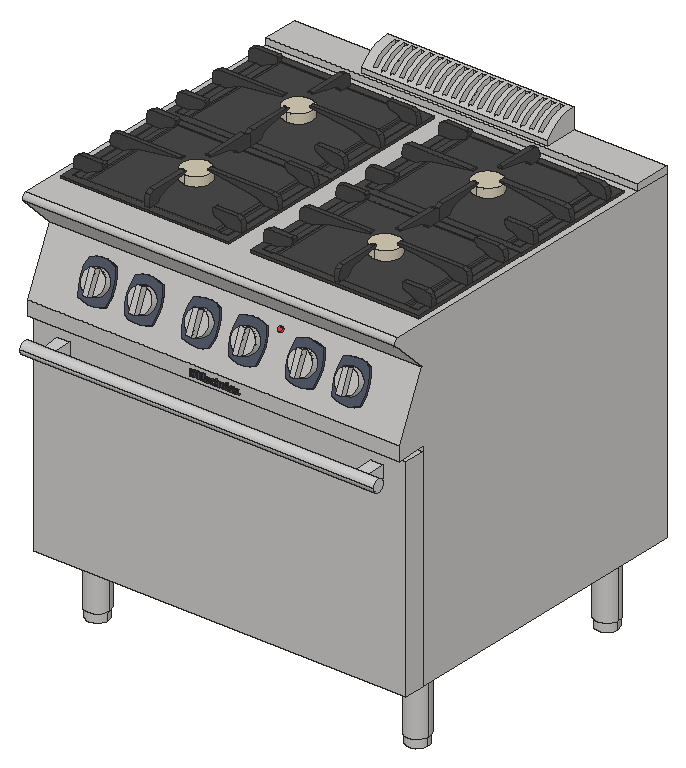
Revit family "QF_ELECTROLUXPROFESSIONAL_371169_E7GCGH4CEA", category Specialty Equipment, Revit 2018 (continued)
Automatic sketch dimensions
  Extrusion 26 sketch curve to Extrusion 26 sketch curve = 0.124 mm
  Extrusion 26 sketch curve to Extrusion 26 sketch curve = 0.291 mm
  plane 7 "Center Y" to Extrusion 26 sketch curve = 7.285 mm
  Extrusion 26 sketch curve to Extrusion 26 sketch curve = 1.049 mm  (x2)
  plane 7 "Center Y" to Extrusion 26 sketch curve = 47.668 mm
  Extrusion 26 sketch curve to Extrusion 26 sketch curve = 1.7 mm
  Extrusion 26 sketch curve to Extrusion 26 sketch curve = 0.894 mm
  Extrusion 26 sketch curve to Extrusion 26 sketch curve = 0.989 mm
  Extrusion 26 sketch curve to Extrusion 26 sketch curve = 1.168 mm
  Extrusion 26 sketch curve to Extrusion 26 sketch curve = 1.594 mm
  Extrusion 26 sketch curve to Extrusion 26 sketch curve = 0.731 mm
  Extrusion 26 sketch curve to Extrusion 26 sketch curve = 1.566 mm
  Extrusion 26 sketch curve to Extrusion 26 sketch curve = 0.064 mm
  plane 7 "Center Y" to Extrusion 26 sketch curve = 7.842 mm
  Extrusion 26 sketch curve to Extrusion 26 sketch curve = 0.556 mm
  Extrusion 26 sketch curve to Extrusion 26 sketch curve = 0.48 mm
  Extrusion 26 sketch curve to Extrusion 26 sketch curve = 0.228 mm
  Extrusion 26 sketch curve to Extrusion 26 sketch curve = 1.018 mm
  plane 7 "Center Y" to Extrusion 26 sketch curve = 37.429 mm
  Extrusion 26 sketch curve to Extrusion 26 sketch curve = 0.787 mm
  Extrusion 26 sketch curve to Extrusion 26 sketch curve = 0.618 mm
  plane 7 "Center Y" to Extrusion 26 sketch curve = 42.486 mm
  Extrusion 26 sketch curve to Extrusion 26 sketch curve = 1.672 mm
  plane 7 "Center Y" to Extrusion 26 sketch curve = 53.436 mm
  Extrusion 26 sketch curve to Extrusion 26 sketch curve = 1.361 mm
  Extrusion 26 sketch curve to Extrusion 26 sketch curve = 0.822 mm
  Extrusion 26 sketch curve to Extrusion 26 sketch curve = 0.069 mm
  Extrusion 26 sketch curve to Extrusion 26 sketch curve = 1.88 mm
  plane 7 "Center Y" to Extrusion 26 sketch curve = 35.269 mm
  Extrusion 26 sketch curve to Extrusion 26 sketch curve = 0.42 mm
  Extrusion 26 sketch curve to Extrusion 26 sketch curve = 0.062 mm
  Extrusion 26 sketch curve to Extrusion 26 sketch curve = 1.355 mm
  Extrusion 26 sketch curve to Extrusion 26 sketch curve = 2.34 mm
  Extrusion 26 sketch curve to Extrusion 26 sketch curve = 0.493 mm
  Extrusion 26 sketch curve to Extrusion 26 sketch curve = 0.136 mm
  Extrusion 26 sketch curve to Extrusion 26 sketch curve = 0.128 mm
  Extrusion 26 sketch curve to Extrusion 26 sketch curve = 3.616 mm
  Extrusion 26 sketch curve to Extrusion 26 sketch curve = 4.207 mm
  Extrusion 26 sketch curve to Extrusion 26 sketch curve = 0.183 mm
  Extrusion 26 sketch curve to Extrusion 26 sketch curve = 0.895 mm
  Extrusion 26 sketch curve to Extrusion 26 sketch curve = 1.314 mm
  Extrusion 26 sketch curve to Extrusion 26 sketch curve = 3.231 mm
  Extrusion 26 sketch curve to plane 7 "Center Y" = 23.526 mm
  Extrusion 26 sketch curve to Extrusion 26 sketch curve = 1.299 mm
  Extrusion 26 sketch curve to Extrusion 26 sketch curve = 1.214 mm
  plane 7 "Center Y" to Extrusion 26 sketch curve = 26.369 mm
  Extrusion 26 sketch curve to Extrusion 26 sketch curve = 1.264 mm
  Extrusion 26 sketch curve to Extrusion 26 sketch curve = 0.109 mm
  Extrusion 26 sketch curve to Extrusion 26 sketch curve = 0.357 mm
  Extrusion 26 sketch curve to Extrusion 26 sketch curve = 0.565 mm
  Extrusion 26 sketch curve to Extrusion 26 sketch curve = 2.504 mm
  Extrusion 26 sketch curve to Extrusion 26 sketch curve = 2.459 mm
  Extrusion 26 sketch curve to Extrusion 26 sketch curve = 0.983 mm
  Extrusion 26 sketch curve to Extrusion 26 sketch curve = 0.422 mm  (x2)
  Extrusion 26 sketch curve to Extrusion 26 sketch curve = 1.268 mm
  Extrusion 26 sketch curve to Extrusion 26 sketch curve = 0.671 mm
  Extrusion 26 sketch curve to Extrusion 26 sketch curve = 1.634 mm
  Extrusion 26 sketch curve to Extrusion 26 sketch curve = 0.132 mm
  Extrusion 26 sketch curve to Extrusion 26 sketch curve = 0.586 mm
  Extrusion 26 sketch curve to Extrusion 26 sketch curve = 1.241 mm
  Extrusion 26 sketch curve to Extrusion 26 sketch curve = 1.689 mm
  Extrusion 26 sketch curve to Extrusion 26 sketch curve = 0.627 mm
  Extrusion 26 sketch curve to Extrusion 26 sketch curve = 0.419 mm
  Extrusion 26 sketch curve to Extrusion 26 sketch curve = 1.514 mm
  Extrusion 26 sketch curve to Extrusion 26 sketch curve = 1.019 mm
  Extrusion 26 sketch curve to Extrusion 26 sketch curve = 0.065 mm
  Extrusion 26 sketch curve to Extrusion 26 sketch curve = 1.215 mm
  Extrusion 26 sketch curve to Extrusion 26 sketch curve = 1.122 mm
  Extrusion 26 sketch curve to Extrusion 26 sketch curve = 1.153 mm
  Extrusion 26 sketch curve to Extrusion 26 sketch curve = 1.223 mm
  Extrusion 26 sketch curve to Extrusion 26 sketch curve = 0.934 mm
  Extrusion 26 sketch curve to Extrusion 26 sketch curve = 3.376 mm
  Extrusion 26 sketch curve to Extrusion 26 sketch curve = 0.222 mm
  Extrusion 26 sketch curve to Extrusion 26 sketch curve = 1.383 mm
  Extrusion 26 sketch curve to Extrusion 26 sketch curve = 1.556 mm
  Extrusion 26 sketch curve to Extrusion 26 sketch curve = 2.559 mm
  Extrusion 26 sketch curve to Extrusion 26 sketch curve = 2.51 mm
  Extrusion 26 sketch curve to Extrusion 26 sketch curve = 0.131 mm
  Extrusion 26 sketch curve to Extrusion 26 sketch curve = 1.134 mm
  Extrusion 26 sketch curve to Extrusion 26 sketch curve = 0.094 mm
  Extrusion 26 sketch curve to Extrusion 26 sketch curve = 1.584 mm
  Extrusion 26 sketch curve to Extrusion 26 sketch curve = 0.27 mm
  Extrusion 26 sketch curve to Extrusion 26 sketch curve = 0.916 mm
  Extrusion 26 sketch curve to Extrusion 26 sketch curve = 0.352 mm
  Extrusion 26 sketch curve to Extrusion 26 sketch curve = 0.458 mm
  Extrusion 26 sketch curve to Extrusion 26 sketch curve = 1.282 mm
  Extrusion 26 sketch curve to Extrusion 26 sketch curve = 1.363 mm
  Extrusion 26 sketch curve to Extrusion 26 sketch curve = 0.685 mm
  Extrusion 26 sketch curve to Extrusion 26 sketch curve = 0.905 mm
  Extrusion 26 sketch curve to Extrusion 26 sketch curve = 1.477 mm
  Extrusion 26 sketch curve to Extrusion 26 sketch curve = 0.472 mm
  Extrusion 26 sketch curve to Extrusion 26 sketch curve = 0.101 mm
  Extrusion 26 sketch curve to Extrusion 26 sketch curve = 0.54 mm
  Extrusion 26 sketch curve to Extrusion 26 sketch curve = 0.02 mm
  Extrusion 26 sketch curve to Extrusion 26 sketch curve = 0.829 mm
  Extrusion 26 sketch curve to Extrusion 26 sketch curve = 0.582 mm
  Extrusion 26 sketch curve to Extrusion 26 sketch curve = 0.166 mm
  Extrusion 26 sketch curve to Extrusion 26 sketch curve = 0.16 mm
  Extrusion 26 sketch curve to Extrusion 26 sketch curve = 1.118 mm
  Extrusion 26 sketch curve to Extrusion 26 sketch curve = 0.613 mm
  Extrusion 26 sketch curve to Extrusion 26 sketch curve = 0.781 mm
  Extrusion 26 sketch curve to Extrusion 26 sketch curve = 0.361 mm
  Extrusion 26 sketch curve to Extrusion 26 sketch curve = 0.897 mm
  Extrusion 26 sketch curve to Extrusion 26 sketch curve = 0.167 mm
  Extrusion 26 sketch curve to Extrusion 26 sketch curve = 0.292 mm
  Extrusion 26 sketch curve to Extrusion 26 sketch curve = 0.305 mm
  Extrusion 26 sketch curve to Extrusion 26 sketch curve = 1.557 mm
  Extrusion 26 sketch curve to Extrusion 26 sketch curve = 2.499 mm
  Extrusion 26 sketch curve to Extrusion 26 sketch curve = 3.062 mm
  Extrusion 26 sketch curve to Extrusion 26 sketch curve = 2.968 mm
  Extrusion 26 sketch curve to Extrusion 26 sketch curve = 5.044 mm
  Extrusion 26 sketch curve to Extrusion 26 sketch curve = 0.629 mm  (x2)
  Extrusion 26 sketch curve to Extrusion 26 sketch curve = 1.131 mm
  Extrusion 26 sketch curve to Extrusion 26 sketch curve = 0.137 mm
  Extrusion 26 sketch curve to Extrusion 26 sketch curve = 0.027 mm
  Extrusion 26 sketch curve to Extrusion 26 sketch curve = 2.046 mm
  Extrusion 26 sketch curve to Extrusion 26 sketch curve = 2.235 mm
  radius of Extrusion 9 sketch curve = 12.7 mm
  radius of Extrusion 12 sketch curve = 25.4 mm  (x6)
  radius of Extrusion 13 sketch curve = 6.35 mm
  radius of Extrusion 24 sketch curve = 5 mm
  radius of Extrusion 25 sketch curve = 3.175 mm
Nested families
  nested 1: "371009_BURNER" at (8.5, -5, 0), type "371009_BURNER"
    with Type Mark "", Status "", Specification by User "", Revision Code "", Item Number "", Installed By "", Identify Quantity as Lot yes, Furnished By "", Foodservice Equipment Identifier yes
  nested 2: "371009_BURNER" at (8.5, -739.127, 0), type "371009_BURNER"
    with Type Mark "", Status "", Specification by User "", Revision Code "", Item Number "", Installed By "", Identify Quantity as Lot yes, Furnished By "", Foodservice Equipment Identifier yes
  nested 3: "371009_BURNER" at (416.5, -5, 0), type "371009_BURNER"
    with Type Mark "", Status "", Specification by User "", Revision Code "", Item Number "", Installed By "", Identify Quantity as Lot yes, Furnished By "", Foodservice Equipment Identifier yes
  nested 4: "371009_BURNER" at (416.5, -739.127, 0), type "371009_BURNER"
    with Type Mark "", Status "", Specification by User "", Revision Code "", Item Number "", Installed By "", Identify Quantity as Lot yes, Furnished By "", Foodservice Equipment Identifier yes
Connectors
  piping at (747.613, -464, 141.185), diameter 12.8
    settings: on Extrusion 13, index 1, connector inside diameter 0.50394", connector length 0 mm, flow factor 0, pipe flow 0 GPM, pressure drop 0.00 psi, fitting loss kfactor 0, connector angle 0.00°, fixture units 0, engagement length 0 mm, angle of deflection 0.00°, flow configuration 1, flow direction 1, fitting loss method 0, system type 7, joint type 0, gender type 0, connector reference index -1, connector utility 0, adjustable connector no, is connector primary yes, connector description "Gas Inlet"
  electrical at (747.612, -514, 148.088), driven by "Volts"
    settings: on Extrusion 25, index 2, voltage 380 V, apparent load 6000 VA, apparent load phase1 0 VA, apparent load phase2 0 VA, apparent load phase3 0 VA, power factor 1, load classification "Other", number of poles 1, system type 30, power factor state 1, is connector primary yes, connector utility no, sub classification motor no, connector description "Electrical Connection"
Definition of nested family "371009_BURNER"
  Parameters
    Weight in Pounds = 0
    URL Cutsheet = ""
    URL = "www.electrolux.com"
    Type Mark [instance] = ""
    Status [instance] = ""
    Specification by User [instance] = ""
    Specification by Manufacturer = ""
    Serial Number = ""
    Seismic Rating = ""
    SMACNA No = ""
    Revision Code [instance] = ""
    Omniclass Number and Title = ""
    NAFEM Spec ID Number = ""
    Model = "371009"
    Masterspec = ""
    Manufacturer = "ELECTROLUX"
    Item Number [instance] = ""
    Installed By [instance] = ""
    Identify Quantity as Lot [instance] = yes
    Furnished By [instance] = ""
    Foodservice Equipment Identifier [instance] = yes
    Description = ""
    CSI MasterFormat = ""
    CSI Master Format = ""
  Reference planes
    plane 1 "BACK": y = 0
    plane 2: z = 0
    plane 3 "LEFT": x = 0
    plane 4 "RIGHT": x = 800
    plane 5 "FRONT": y = -700
    plane 6 "TOP": z = 908.85
    plane 7 "Center Y": x = 400
    plane 8 "Center X": y = -350
    plane 9 "Base": z = 150
    plane 10: z = 850.85
  Forms (mm)
    Extrusion 1, solid
      sketch origin (0, -734.127, 5) x (1, 0, 0) y (0, 0, -1)
        loop
          arc (7.142, -850.85) -> (6.739, -862.989) -> (9.761, -874.752) r 42.809
          line (9.761, -874.752) -> (19.961, -879.425) -> (157.339, -879.425)
          arc (157.339, -879.425) -> (158.533, -878.312) -> (157.506, -877.043) r 1.197
          line (157.506, -877.043) -> (64.848, -864.021)
          arc (64.848, -864.021) -> (50.111, -858.738) -> (36.589, -850.85) r 85.245
          line (36.589, -850.85) -> (7.142, -850.85)
        loop
          line (367.858, -850.85) -> (338.411, -850.85)
          arc (338.411, -850.85) -> (324.889, -858.738) -> (310.152, -864.021) r 85.245
          line (310.152, -864.021) -> (217.494, -877.043)
          arc (217.494, -877.043) -> (216.467, -878.312) -> (217.661, -879.425) r 1.197
          line (217.661, -879.425) -> (355.039, -879.425) -> (365.239, -874.752)
          arc (365.239, -874.752) -> (368.261, -862.989) -> (367.858, -850.85) r 42.809
      from 224.564 to 234.564
    Extrusion 2, solid
      sketch origin (0, -734.127, 5) x (1, 0, 0) y (0, 0, -1)
        loop
          arc (7.056, -850.85) -> (6.705, -862.948) -> (9.748, -874.663) r 42.876
          line (9.748, -874.663) -> (19.961, -879.425) -> (65.851, -879.425)
          arc (65.851, -879.425) -> (68.577, -878.352) -> (69.841, -875.709) r 4
          arc (69.841, -875.709) -> (68.75, -869.25) -> (64.816, -864.012) r 13.87
          arc (64.816, -864.012) -> (50.096, -858.731) -> (36.589, -850.85) r 85.245
          line (36.589, -850.85) -> (7.056, -850.85)
        loop
          line (367.944, -850.85) -> (338.411, -850.85)
          arc (338.411, -850.85) -> (324.904, -858.731) -> (310.184, -864.012) r 85.245
          arc (310.184, -864.012) -> (306.25, -869.25) -> (305.159, -875.709) r 13.87
          arc (305.159, -875.709) -> (306.423, -878.352) -> (309.149, -879.425) r 4
          line (309.149, -879.425) -> (355.039, -879.425) -> (365.252, -874.663)
          arc (365.252, -874.663) -> (368.295, -862.948) -> (367.944, -850.85) r 42.876
      from 127.064 to 137.064
    Extrusion 3, solid
      sketch origin (0, -275, 5) x (1, 0, 0) y (0, 0, 1)
        loop
          arc (64.816, 864.012) -> (68.75, 869.25) -> (69.841, 875.709) r 13.87
          arc (69.841, 875.709) -> (68.577, 878.352) -> (65.851, 879.425) r 4
          line (65.851, 879.425) -> (19.961, 879.425) -> (9.748, 874.663)
          arc (9.748, 874.663) -> (6.705, 862.948) -> (7.056, 850.85) r 42.876
          line (7.056, 850.85) -> (36.589, 850.85)
          arc (36.589, 850.85) -> (50.096, 858.731) -> (64.816, 864.012) r 85.245
        loop
          arc (310.184, 864.012) -> (324.904, 858.731) -> (338.411, 850.85) r 85.245
          line (338.411, 850.85) -> (367.944, 850.85)
          arc (367.944, 850.85) -> (368.295, 862.948) -> (365.252, 874.663) r 42.876
          line (365.252, 874.663) -> (355.039, 879.425) -> (309.149, 879.425)
          arc (309.149, 879.425) -> (306.423, 878.352) -> (305.159, 875.709) r 4
          arc (305.159, 875.709) -> (306.25, 869.25) -> (310.184, 864.012) r 13.87
      from 127.064 to 137.064
    Extrusion 4, solid
      sketch origin (454.964, -29.48, 5) x (0, -1, 0) y (0, 0, 1)
        loop
          arc (366.649, 850.85) -> (375.927, 861.743) -> (389.337, 866.736) r 28.426
          line (389.337, 866.736) -> (441.256, 877.043)
          arc (441.256, 877.043) -> (442.283, 878.312) -> (441.089, 879.425) r 1.197
          line (441.089, 879.425) -> (347.797, 879.425)
          arc (347.797, 879.425) -> (343.211, 875.934) -> (337.583, 874.694) r 13.39
          line (337.583, 874.694) -> (337.583, 850.85) -> (366.649, 850.85)
        loop
          arc (606.236, 850.85) -> (606.587, 862.948) -> (603.543, 874.663) r 42.876
          line (603.543, 874.663) -> (593.33, 879.425) -> (509.077, 879.425)
          arc (509.077, 879.425) -> (507.883, 878.312) -> (508.911, 877.043) r 1.197
          line (508.911, 877.043) -> (560.83, 866.736)
          arc (560.83, 866.736) -> (574.239, 861.743) -> (583.518, 850.85) r 28.426
          line (583.518, 850.85) -> (606.236, 850.85)
      from 262.464 to 272.464
    Extrusion 5, solid
      sketch origin (0, 0, 850.85) x (0, -1, 0) y (1, 0, 0)
        loop
          line (642.216, 6.433) -> (642.216, 368.567) -> (367.857, 368.567) -> (367.857, 6.433) -> (642.216, 6.433)
        loop
          line (382.857, 21.433) -> (627.216, 21.433) -> (627.216, 353.567) -> (382.857, 353.567) -> (382.857, 21.433)
      from 0 to 5
    Extrusion 6, solid
      sketch origin (-12.5, 0, 855.85) x (0, -1, 0) y (1, 0, 0)
        loop
          circle (504.356, 200) r 30
      from -1.321 to 17.134
    Extrusion 7, solid
      sketch origin (0, -734.127, 0) x (1, 0, 0) y (0, 0, -1)
        loop
          line (21.433, -855.85) -> (36.589, -855.85)
          arc (36.589, -855.85) -> (40.561, -855.243) -> (44.305, -853.783) r 18.259
          arc (44.305, -853.783) -> (45.997, -853.366) -> (47.69, -853.783) r 3.649
          arc (47.69, -853.783) -> (49.901, -854.522) -> (52.232, -854.529) r 7.328
          line (52.232, -854.529) -> (322.768, -854.529)
          arc (322.768, -854.529) -> (325.099, -854.522) -> (327.31, -853.783) r 7.328
          arc (327.31, -853.783) -> (329.003, -853.366) -> (330.695, -853.783) r 3.649
          arc (330.695, -853.783) -> (334.439, -855.243) -> (338.411, -855.85) r 18.259
          line (338.411, -855.85) -> (353.567, -855.85) -> (353.567, -850.85) -> (21.433, -850.85) -> (21.433, -855.85)
      from 106.911 to 351.27
  Lines and regions (mm)
    symbolic lines
      curve 1: line (6.433, -642.216, 150) -> (368.567, -642.216, 150)
      curve 2: line (6.433, -367.857, 150) -> (6.433, -642.216, 150)
      curve 3: line (368.567, -367.857, 150) -> (192.5, -367.857, 150)
      curve 4: line (368.567, -642.216, 150) -> (368.567, -367.857, 150)
      curve 5: line (353.567, -382.857, 150) -> (192.5, -382.857, 150)
      curve 6: line (353.567, -627.216, 150) -> (353.567, -607.064, 150)
      curve 7: line (21.433, -627.216, 150) -> (182.5, -627.216, 150)
      curve 8: line (21.433, -382.857, 150) -> (21.433, -402.064, 150)
      curve 9: line (52.232, -627.216, 150) -> (52.232, -607.064, 150)
      curve 10: line (322.567, -382.857, 150) -> (322.567, -402.064, 150)
      curve 11: line (148.125, -499.564, 150) -> (148.125, -382.857, 150)
      curve 12: line (154.375, -382.857, 150) -> (154.375, -499.564, 150)
      curve 13: arc (148.297, -509.564, 150) -> (159.191, -533.254, 150) -> (182.5, -544.942, 150) r 39.375
      curve 14: arc (220.42, -509.564, 150) -> (211.39, -528.832, 150) -> (192.5, -538.631, 150) r 33.125
      curve 15: line (220.625, -382.857, 150) -> (220.625, -499.564, 150)
      curve 16: line (226.875, -499.564, 150) -> (226.875, -382.857, 150)
      curve 17: line (192.5, -636.339, 150) -> (192.5, -535.619, 150)
      curve 18: arc (182.657, -474.75, 150) -> (166.195, -483.236, 150) -> (157.853, -499.771, 150) r 30
      curve 19: arc (192.224, -533.982, 150) -> (208.621, -525.661, 150) -> (217.084, -509.337, 150) r 30
      curve 20: line (368.567, -597.064, 150) -> (305.159, -597.064, 150)
      curve 21: line (6.433, -607.064, 150) -> (69.841, -607.064, 150)
      curve 22: line (6.433, -509.564, 150) -> (156.429, -509.564, 150)
      curve 23: line (368.567, -499.564, 150) -> (218.571, -499.564, 150)
      curve 24: line (6.433, -412.064, 150) -> (69.841, -412.064, 150)
      curve 25: line (368.567, -402.064, 150) -> (305.159, -402.064, 150)
      curve 26: line (69.841, -597.064, 150) -> (6.433, -597.064, 150)
      curve 27: line (305.159, -607.064, 150) -> (368.567, -607.064, 150)
      curve 28: line (69.841, -402.064, 150) -> (6.433, -402.064, 150)
      curve 29: line (305.159, -412.064, 150) -> (368.567, -412.064, 150)
      curve 30: arc (69.841, -597.064, 150) -> (74.841, -602.064, 150) -> (69.841, -607.064, 150) r 5
      curve 31: arc (305.159, -607.064, 150) -> (300.159, -602.064, 150) -> (305.159, -597.064, 150) r 5
      curve 32: arc (69.841, -402.064, 150) -> (74.841, -407.064, 150) -> (69.841, -412.064, 150) r 5
      curve 33: arc (305.159, -412.064, 150) -> (300.159, -407.064, 150) -> (305.159, -402.064, 150) r 5
      curve 34: line (21.433, -412.064, 150) -> (21.433, -499.564, 150)
      curve 35: line (52.232, -402.064, 150) -> (52.232, -382.857, 150)
      curve 36: line (21.433, -509.564, 150) -> (21.433, -597.064, 150)
      curve 37: line (52.232, -499.564, 150) -> (52.232, -412.064, 150)
      curve 38: line (52.232, -597.064, 150) -> (52.232, -509.564, 150)
      curve 39: line (21.433, -607.064, 150) -> (21.433, -627.216, 150)
      curve 40: line (322.567, -607.064, 150) -> (322.567, -627.216, 150)
      curve 41: line (353.567, -597.064, 150) -> (353.567, -509.564, 150)
      curve 42: line (322.567, -509.564, 150) -> (322.567, -597.064, 150)
      curve 43: line (353.567, -499.564, 150) -> (353.567, -412.064, 150)
      curve 44: line (353.567, -402.064, 150) -> (353.567, -382.857, 150)
      curve 45: line (322.567, -412.064, 150) -> (322.567, -499.564, 150)
      curve 46: line (156.429, -499.564, 150) -> (6.433, -499.564, 150)
      curve 47: line (218.571, -509.564, 150) -> (368.567, -509.564, 150)
      curve 48: arc (218.571, -499.564, 150) -> (213.571, -504.564, 150) -> (218.571, -509.564, 150) r 5
      curve 49: arc (156.429, -499.564, 150) -> (161.429, -504.564, 150) -> (156.429, -509.564, 150) r 5
      curve 50: arc (157.916, -509.337, 150) -> (166.379, -525.661, 150) -> (182.776, -533.982, 150) r 30
      curve 51: arc (217.147, -499.771, 150) -> (208.805, -483.236, 150) -> (192.343, -474.75, 150) r 30
      curve 52: line (182.5, -535.619, 150) -> (182.5, -636.339, 150)
      curve 53: line (192.5, -473.508, 150) -> (192.5, -367.064, 150)
      curve 54: arc (192.5, -535.619, 150) -> (187.5, -530.619, 150) -> (182.5, -535.619, 150) r 5
      curve 55: arc (192.5, -473.508, 150) -> (187.5, -478.508, 150) -> (182.5, -473.508, 150) r 5
      curve 56: line (182.5, -367.857, 150) -> (6.433, -367.857, 150)
      curve 57: line (182.5, -382.857, 150) -> (21.433, -382.857, 150)
      curve 58: arc (192.5, -404.571, 150) -> (196.398, -417.071, 150) -> (192.5, -429.571, 150) r 21.993
      curve 59: arc (196.181, -420.148, 150) -> (199.482, -417.071, 150) -> (196.181, -413.995, 150) r 3.084
      curve 60: arc (182.5, -404.571, 150) -> (178.602, -417.071, 150) -> (182.5, -429.571, 150) r 21.993
      curve 61: arc (178.819, -420.148, 150) -> (175.518, -417.071, 150) -> (178.819, -413.995, 150) r 3.084
      curve 62: line (182.5, -367.064, 150) -> (182.5, -473.508, 150)
      curve 63: arc (182.5, -538.631, 150) -> (163.61, -528.832, 150) -> (154.58, -509.564, 150) r 33.125
      curve 64: arc (192.5, -544.942, 150) -> (215.809, -533.254, 150) -> (226.703, -509.564, 150) r 39.375
      curve 65: line (182.5, -636.339, 150) -> (192.5, -636.339, 150)
      curve 66: line (182.5, -377.277, 150) -> (192.5, -377.277, 150)
      curve 67: line (182.5, -367.064, 150) -> (192.5, -367.064, 150)
      curve 68: line (192.5, -627.216, 150) -> (353.567, -627.216, 150)
  Dimensions and locks
    equal spacing: plane 3 "LEFT", plane 7 "Center Y", plane 4 "RIGHT"
    plane 3 "LEFT" to plane 4 "RIGHT" = 800 mm
    equal spacing: plane 5 "FRONT", plane 8 "Center X", plane 1 "BACK"
    plane 5 "FRONT" to plane 1 "BACK" = 700 mm
    plane 6 "TOP" to level = 908.85 mm
    plane 9 "Base" to level = 150 mm
    plane 6 "TOP" to plane 10 = 58 mm  (x2)
    aligned and locked: level to plane 2
  Automatic sketch dimensions
    Extrusion 5 sketch curve to Extrusion 5 sketch curve = 15 mm  (x2)
    Extrusion 5 sketch curve to Extrusion 5 sketch curve = 332.134 mm
    plane 3 "LEFT" to Extrusion 2 sketch curve = 7.056 mm
    plane 3 "LEFT" to Extrusion 2 sketch curve = 9.748 mm
    Extrusion 2 sketch curve to Extrusion 2 sketch curve = 10.213 mm  (x2)
    plane 10 to Extrusion 2 sketch curve = 5 mm  (x2)
    Extrusion 2 sketch curve to Extrusion 2 sketch curve = 29.533 mm
    Extrusion 2 sketch curve to Extrusion 2 sketch curve = 12.72 mm  (x2)
    Extrusion 2 sketch curve to Extrusion 2 sketch curve = 6.697 mm
    Extrusion 2 sketch curve to Extrusion 2 sketch curve = 8.81 mm
    Extrusion 2 sketch curve to Extrusion 2 sketch curve = 9.845 mm  (x2)
    Extrusion 2 sketch curve to Extrusion 2 sketch curve = 3.99 mm  (x2)
    Extrusion 2 sketch curve to Extrusion 2 sketch curve = 0 mm  (x2)
    Extrusion 2 sketch curve to Extrusion 2 sketch curve = 36.813 mm
    Extrusion 2 sketch curve to plane 7 "Center Y" = 111.122 mm
    Extrusion 2 sketch curve to plane 6 "TOP" = 28.141 mm
    Extrusion 2 sketch curve to plane 7 "Center Y" = 94.841 mm
    Extrusion 2 sketch curve to Extrusion 2 sketch curve = 1.035 mm
    Extrusion 2 sketch curve to Extrusion 2 sketch curve = 15.507 mm
    Extrusion 2 sketch curve to Extrusion 2 sketch curve = 16.628 mm
    Extrusion 2 sketch curve to Extrusion 2 sketch curve = 2.692 mm
    Extrusion 2 sketch curve to plane 6 "TOP" = 24.425 mm
    Extrusion 2 sketch curve to Extrusion 2 sketch curve = 28.575 mm
    Extrusion 2 sketch curve to Extrusion 2 sketch curve = 3.716 mm
    Extrusion 2 sketch curve to Extrusion 2 sketch curve = 4.763 mm  (x2)
    plane 3 "LEFT" to Extrusion 1 sketch curve = 7.142 mm
    plane 3 "LEFT" to Extrusion 1 sketch curve = 9.761 mm
    Extrusion 1 sketch curve to Extrusion 1 sketch curve = 10.201 mm  (x2)
    plane 10 to Extrusion 1 sketch curve = 5 mm  (x2)
    Extrusion 1 sketch curve to Extrusion 1 sketch curve = 29.447 mm
    Extrusion 1 sketch curve to Extrusion 1 sketch curve = 12.704 mm  (x2)
    Extrusion 1 sketch curve to Extrusion 1 sketch curve = 15.555 mm  (x2)
    Extrusion 1 sketch curve to Extrusion 1 sketch curve = 36.829 mm
    Extrusion 1 sketch curve to plane 6 "TOP" = 24.425 mm  (x2)
    Extrusion 1 sketch curve to Extrusion 1 sketch curve = 92.491 mm
    Extrusion 1 sketch curve to plane 6 "TOP" = 26.807 mm  (x2)
    Extrusion 1 sketch curve to Extrusion 1 sketch curve = 0.167 mm  (x2)
    Extrusion 1 sketch curve to Extrusion 1 sketch curve = 59.988 mm
    Extrusion 1 sketch curve to plane 7 "Center Y" = 111.122 mm
    plane 10 to Extrusion 1 sketch curve = 18.171 mm
    Extrusion 1 sketch curve to Extrusion 1 sketch curve = 21.274 mm
    Extrusion 1 sketch curve to Extrusion 1 sketch curve = 16.628 mm
    Extrusion 1 sketch curve to Extrusion 1 sketch curve = 2.618 mm
    Extrusion 1 sketch curve to Extrusion 1 sketch curve = 4.673 mm  (x2)
    Extrusion 1 sketch curve to Extrusion 1 sketch curve = 5.694 mm
    plane 3 "LEFT" to Extrusion 3 sketch curve = 7.056 mm
    plane 3 "LEFT" to Extrusion 3 sketch curve = 9.748 mm
    Extrusion 3 sketch curve to Extrusion 3 sketch curve = 10.213 mm  (x2)
    plane 10 to Extrusion 3 sketch curve = 5 mm  (x2)
    Extrusion 3 sketch curve to Extrusion 3 sketch curve = 29.533 mm
    Extrusion 3 sketch curve to Extrusion 3 sketch curve = 12.72 mm  (x2)
    Extrusion 3 sketch curve to Extrusion 3 sketch curve = 6.697 mm
    Extrusion 3 sketch curve to Extrusion 3 sketch curve = 8.81 mm
    Extrusion 3 sketch curve to Extrusion 3 sketch curve = 9.845 mm  (x2)
    Extrusion 3 sketch curve to Extrusion 3 sketch curve = 3.99 mm  (x2)
    Extrusion 3 sketch curve to Extrusion 3 sketch curve = 0 mm  (x2)
    Extrusion 3 sketch curve to Extrusion 3 sketch curve = 36.813 mm
    Extrusion 3 sketch curve to plane 7 "Center Y" = 111.122 mm
    Extrusion 3 sketch curve to plane 6 "TOP" = 28.141 mm
    Extrusion 3 sketch curve to plane 7 "Center Y" = 94.841 mm
    Extrusion 3 sketch curve to Extrusion 3 sketch curve = 1.035 mm
    Extrusion 3 sketch curve to Extrusion 3 sketch curve = 15.507 mm
    Extrusion 3 sketch curve to Extrusion 3 sketch curve = 16.628 mm
    Extrusion 3 sketch curve to Extrusion 3 sketch curve = 2.692 mm
    Extrusion 3 sketch curve to plane 10 = 64.377 mm  (x2)
    plane 10 to Extrusion 3 sketch curve = 12.281 mm  (x2)
    Extrusion 3 sketch curve to Extrusion 3 sketch curve = 10.713 mm
    Extrusion 5 to Extrusion 6 sketch curve = 121.499 mm
    Extrusion 5 to Extrusion 6 sketch curve = 166.067 mm
    plane 3 "LEFT" to Extrusion 5 sketch curve = 21.433 mm
    Extrusion 5 sketch curve to plane 5 "FRONT" = 72.784 mm
    plane 3 "LEFT" to Extrusion 7 sketch curve = 21.433 mm
    Extrusion 7 sketch curve to Extrusion 7 sketch curve = 14.402 mm
    plane 10 to Extrusion 7 sketch curve = 5 mm
    plane 10 to Extrusion 7 sketch curve = 2.933 mm  (x4)
    Extrusion 7 sketch curve to Extrusion 7 sketch curve = 7.716 mm  (x2)
    Extrusion 7 sketch curve to Extrusion 7 sketch curve = 0 mm  (x2)
    Extrusion 7 sketch curve to Extrusion 7 sketch curve = 1.692 mm  (x2)
    Extrusion 7 sketch curve to Extrusion 7 sketch curve = 3.385 mm  (x2)
    Extrusion 7 sketch curve to plane 10 = 3.559 mm  (x2)
    Extrusion 7 sketch curve to Extrusion 7 sketch curve = 302.478 mm
    Extrusion 7 sketch curve to Extrusion 7 sketch curve = 15.253 mm
    Extrusion 7 sketch curve to Extrusion 7 sketch curve = 15.156 mm  (x2)
    Extrusion 7 sketch curve to Extrusion 7 sketch curve = 3.233 mm
    Extrusion 7 sketch curve to plane 10 = 0 mm
    Extrusion 7 sketch curve to plane 7 "Center Y" = 77.232 mm
    Extrusion 5 sketch curve to plane 8 "Center X" = 32.857 mm
    plane 3 "LEFT" to Extrusion 5 sketch curve = 6.433 mm
    plane 1 "BACK" to Extrusion 5 sketch curve = 367.857 mm
    plane 10 to Extrusion 4 sketch curve = 5 mm  (x2)
    Extrusion 4 sketch curve to Extrusion 4 sketch curve = 29.066 mm
    Extrusion 4 sketch curve to Extrusion 4 sketch curve = 22.688 mm
    Extrusion 4 sketch curve to plane 10 = 7.392 mm  (x2)
    Extrusion 4 sketch curve to Extrusion 4 sketch curve = 25.583 mm
    Extrusion 4 sketch curve to plane 6 "TOP" = 24.425 mm  (x2)
    Extrusion 4 sketch curve to Extrusion 4 sketch curve = 51.752 mm
    Extrusion 4 sketch curve to Extrusion 4 sketch curve = 0.167 mm  (x2)
    Extrusion 4 sketch curve to plane 6 "TOP" = 26.807 mm
    Extrusion 4 sketch curve to Extrusion 4 sketch curve = 67.655 mm
    Extrusion 4 sketch curve to Extrusion 4 sketch curve = 49.024 mm
    Extrusion 4 sketch curve to Extrusion 4 sketch curve = 2.895 mm
    Extrusion 4 sketch curve to Extrusion 4 sketch curve = 3.153 mm
    Extrusion 4 sketch curve to Extrusion 4 sketch curve = 19.535 mm
    Extrusion 4 sketch curve to Extrusion 4 sketch curve = 9.813 mm
    Extrusion 4 sketch curve to Extrusion 4 sketch curve = 10.213 mm
    Extrusion 4 sketch curve to Extrusion 4 sketch curve = 22.718 mm
    Extrusion 4 sketch curve to Extrusion 4 sketch curve = 8.605 mm
    Extrusion 4 sketch curve to Extrusion 4 sketch curve = 4.731 mm
    Extrusion 4 sketch curve to Extrusion 4 sketch curve = 2.382 mm
    Extrusion 4 sketch curve to Extrusion 4 sketch curve = 8.658 mm
    Extrusion 4 sketch curve to plane 8 "Center X" = 17.064 mm
    curve 13 to curve 14 = 0 mm  (x2)
    curve 13 to curve 63 = 0 mm  (x2)
    curve 13 to curve 64 = 0 mm  (x2)
    curve 18 to curve 19 = 0 mm  (x2)
    curve 18 to curve 50 = 0 mm  (x2)
    curve 18 to curve 51 = 0 mm  (x2)
    curve 25 to plane 7 "Center Y" = 31.433 mm
    curve 3 to curve 44 = 15 mm
    curve 43 to curve 44 = 0 mm
    curve 1 to curve 68 = 15 mm
    curve 41 to curve 43 = 0 mm
    curve 6 to curve 40 = 31 mm
    curve 41 to curve 42 = 31 mm
    curve 43 to curve 45 = 31 mm
    curve 10 to curve 45 = 0 mm
    curve 40 to curve 27 = 17.408 mm
    curve 45 to curve 29 = 17.408 mm
    curve 16 to curve 64 = 0.172 mm
    curve 16 to curve 15 = 6.25 mm
    curve 64 to curve 14 = 6.283 mm
    curve 15 to curve 23 = 2.054 mm
    curve 23 to curve 51 = 1.424 mm
    curve 47 to curve 19 = 1.487 mm
    curve 15 to curve 60 = 20.029 mm
    curve 60 to curve 59 = 4.198 mm
    curve 59 to curve 59 = 0.216 mm  (x2)
    curve 19 to curve 64 = 24.584 mm
    curve 55 to curve 51 = 0.157 mm
    curve 54 to curve 19 = 0.276 mm
    curve 19 to curve 64 = 4.724 mm
    curve 18 to curve 13 = 0 mm
    curve 54 to curve 54 = 5 mm
    curve 50 to curve 54 = 0.276 mm
    curve 18 to curve 55 = 0.157 mm
    curve 60 to curve 61 = 3.681 mm
    curve 61 to curve 61 = 0 mm
    curve 61 to curve 61 = 0.216 mm
    curve 61 to curve 58 = 4.198 mm
    curve 13 to curve 50 = 29.584 mm
    curve 50 to curve 18 = 0.064 mm
    curve 50 to curve 22 = 1.487 mm
    curve 22 to curve 63 = 1.849 mm
    curve 49 to curve 12 = 2.054 mm
    curve 63 to curve 13 = 6.283 mm
    curve 12 to curve 11 = 6.25 mm
    plane 3 "LEFT" to curve 30 = 69.841 mm
    plane 3 "LEFT" to curve 28 = 69.841 mm
    plane 3 "LEFT" to curve 38 = 52.232 mm
    curve 24 to curve 37 = 17.609 mm
    curve 9 to curve 38 = 0 mm
    curve 28 to curve 35 = 17.609 mm
    plane 3 "LEFT" to curve 39 = 21.433 mm
    plane 3 "LEFT" to curve 8 = 21.433 mm
    curve 34 to curve 8 = 0 mm
    curve 36 to curve 34 = 0 mm
    plane 3 "LEFT" to curve 21 = 6.433 mm
    curve 67 to curve 56 = 0.794 mm
    curve 67 to curve 3 = 0.794 mm
    curve 56 to curve 66 = 9.419 mm
    curve 10 to curve 33 = 19.206 mm
    curve 8 to curve 8 = 19.206 mm
    curve 57 to curve 60 = 21.714 mm
    curve 60 to curve 58 = 0 mm
    curve 28 to curve 32 = 5 mm
    curve 33 to curve 33 = 5 mm
    curve 58 to curve 59 = 9.423 mm
    curve 61 to curve 58 = 3.077 mm
    curve 60 to curve 62 = 43.937 mm
    curve 51 to curve 15 = 24.814 mm
    curve 23 to curve 51 = 0.207 mm
    curve 18 to curve 13 = 1.529 mm
    curve 38 to curve 38 = 87.5 mm
    curve 42 to curve 31 = 87.5 mm
    curve 26 to curve 30 = 5 mm
    curve 31 to curve 31 = 5 mm
    curve 9 to curve 9 = 20.152 mm
    curve 65 to plane 5 "FRONT" = 63.661 mm
    curve 6 to curve 4 = 15 mm
    curve 55 to curve 55 = 5 mm
    curve 53 to curve 18 = 5 mm
    curve 45 to curve 16 = 95.692 mm
    curve 2 to curve 57 = 15 mm
    curve 10 to plane 8 "Center X" = 32.857 mm
    curve 57 to plane 8 "Center X" = 32.857 mm
    curve 6 to curve 68 = 20.152 mm
    radius of Extrusion 6 sketch curve = 30 mm
